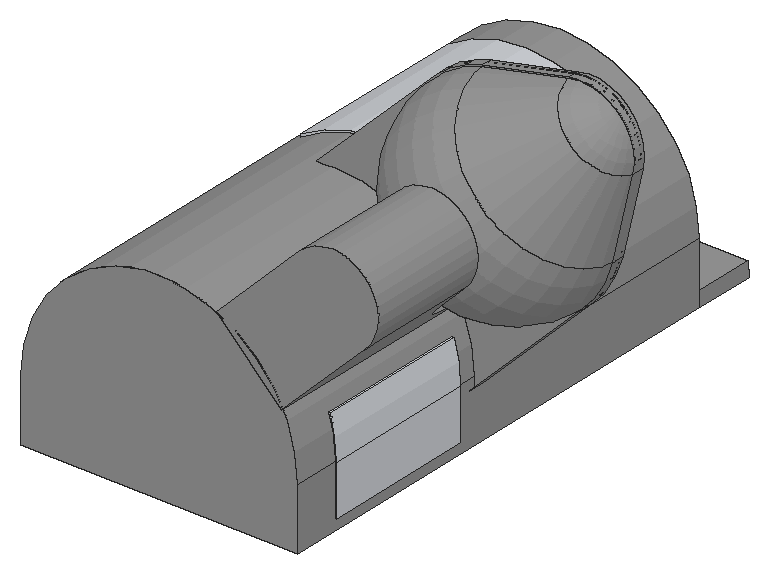
Revit family "Combination-Willoughby-ECW-1806-FA-R-ON", category Plumbing Fixtures, Revit 2015
Parameters (values of type "Standard")
  Waste DIA = 2 3/8"
  Waste Connection = yes
  W-RAD [instance] = Waste DIA / 2  # 0' - 1 3/16"
  Vent Connection = no
  URL = "https://www.willoughby-ind.com/wp-content/uploads/2018/04/1806-FA.pdf"
  Revision = "A"
  Model = "ECW-1806-FA-R-ON"
  Manufacturer = "Willoughby Industries"
  Lav Waste DIA = 1 1/2"
  Lav Waste Connection = yes
  L-RAD [instance] = Lav Waste DIA / 2  # 0' - 0 3/4"
  HW Connection = no
  Flush inlet DIA = 1 1/2"
  Flush Inlet Connection = yes
  Fixture Body = Stainless Steel AISI 304-Willoughby
  F-RAD [instance] = Flush inlet DIA / 2  # 0' - 0 3/4"
  Description = "1806 Front Access Combination Unit, Wall toilet waste outlet,  Right toilet, On Floor mounted"
  Default Elevation = 0' - 0"
  Contact Number = "(800) 428-4065"
  CW Connection = no
Reference planes (in)
  plane 1 "Center (Front/Back)": y = -16.25
  plane 2: z = 0
  plane 3 "Center (Left/Right)": x = 0
  plane 4 "Base": y = -16.25
  plane 5 "Rim hight": y = -1.5
  plane 6 "Seat height": y = -1.25
  plane 7: y = 20.25
  plane 8 "Waste offset": x = 0
  plane 9 "Lwaste ht": y = 8
  plane 10 "flush inlet HT": y = 4.25
  plane 11 "Left Sweep": through (11.84696, 0, 16.09696) normal (0.7071, 0, -0.7071)
  plane 12 "Right Sweep": through (-12.20051, 0, 16.45051) normal (0.7071, 0, 0.7071)
  plane 13: through (-55.90549, 0, 60.15549) normal (-0.7071, 0, -0.7071)
  plane 14: x = 6.375
  plane 15: x = 9
  plane 16 "Floor Waste": z = 4.25
Forms (in)
  Extrusion 1, solid, material "Stainless Steel AISI 304-Willoughby" <- "Fixture Body"
    sketch origin (0, -16.25, 0) x (1, 0, 0) y (0, 0, 1)
      loop
        line (9, 0) -> (9, 1) -> (-9, 1) -> (-9, 0) -> (9, 0)
    from -36.5 to -32.5
  Extrusion 2, solid, material "Stainless Steel AISI 304-Willoughby" <- "Fixture Body"
    sketch origin (-3.35108, 10.5, 0.89892) x (0.707107, 0, -0.707107) y (0.707107, 0, 0.707107)
      loop
        line (6.0079, 24.25317) -> (2.96593, 29.1083)
        arc (2.96593, 29.1083) -> (0, 30.75) -> (-2.96593, 29.1083) r 3.5
        line (-2.96593, 29.1083) -> (-6.0079, 24.25317)
        arc (-6.0079, 24.25317) -> (-6.68213, 22.74625) -> (-6.9847, 21.12334) r 7
        line (-6.9847, 21.12334) -> (-6.9847, 10.08034)
        arc (-6.9847, 10.08034) -> (0, 12.9735) -> (6.9847, 10.08034) r 9.87786
        line (6.9847, 10.08034) -> (6.9847, 20.19825)
        arc (6.9847, 20.19825) -> (6.80533, 22.30015) -> (6.0079, 24.25317) r 7
      loop
        line (4.24214, 22.50332) -> (1.839, 28.03617)
        arc (1.839, 28.03617) -> (0, 29.25) -> (-1.839, 28.03617) r 2
        line (-1.839, 28.03617) -> (-4.24214, 22.50332)
        arc (-4.24214, 22.50332) -> (0, 16.0358) -> (4.24214, 22.50332) r 4.625
    from 11.75 to 12.5
  Revolve 3, solid, material "Stainless Steel AISI 304-Willoughby" <- "Fixture Body"
    sketch origin (-3.35108, -1.5, 0.89892) x (0.707107, 0, -0.707107) y (0.707107, 0, 0.707107)
      loop
        arc (0, 13.6608) -> (6.08879, 17.20729) -> (6.0079, 24.25317) r 7
        line (6.0079, 24.25317) -> (2.96593, 29.1083)
        arc (2.96593, 29.1083) -> (1.69499, 30.31219) -> (0, 30.75) r 3.5
        line (0, 30.75) -> (0, 30.5)
        arc (0, 30.5) -> (1.57353, 30.09368) -> (2.75361, 28.97631) r 3.25
        line (2.75361, 28.97631) -> (5.71903, 24.24621)
        arc (5.71903, 24.24621) -> (5.9061, 17.39269) -> (0, 13.9108) r 6.75
        line (0, 13.9108) -> (0, 13.6608)
      axis (0, 13.6608) -> (0, 30.75)
    angle from 0 to -180
  Extrusion 4, solid
    sketch origin (0, 0, 0) x (1, 0, 0) y (0, 1, 0)
      loop
        circle (0, 8) r 0.75
    from 0 to 1
  Extrusion 5, solid
    sketch origin (0, 0, 0) x (1, 0, 0) y (0, 1, 0)
      loop
        circle (6.375, 4.25) r 0.75
    from 0 to 1
  Extrusion 6, solid, material "Stainless Steel AISI 304-Willoughby" <- "Fixture Body"
    sketch origin (-77.55739, -16.25, -24.30859) x (1, 0, 0) y (0, 0, 1)
      loop
        line (86.55739, 24.30859) -> (86.55739, 28.33218)
        arc (86.55739, 28.33218) -> (77.55739, 37.33218) -> (68.55739, 28.33218) r 9
        line (68.55739, 28.33218) -> (68.55739, 24.30859) -> (86.55739, 24.30859)
    from -32.5 to 0
  Revolve 7, void
    sketch origin (-0.04219, 16.25, -0.04963) x (1, 0, 0) y (0, 0, 1)
      loop
        spline (6.44903, 7.42683) -> (6.2318, 8.59152) -> (5.59494, 9.67683) -> (4.58183, 10.60881) -> (3.26153, 11.32395) -> (1.724, 11.7735) -> (0.07403, 11.92683) -> (-1.57595, 11.7735) -> (-3.11347, 11.32395) -> (-4.43378, 10.60881) -> (-5.44689, 9.67683) -> (-6.08375, 8.59152) -> (-6.30097, 7.42683)
        line (-6.30097, 7.42683) -> (6.44903, 7.42683)
      axis (6.44903, 7.42683) -> (-6.30097, 7.42683)
    angle from 0 to -180
  Extrusion 8, solid, material "Stainless Steel AISI 304-Willoughby" <- "Fixture Body"
    sketch origin (-39.78935, -16.25, -4.29532) x (0.707107, 0, -0.707107) y (0.707107, 0, 0.707107)
      loop
        line (25.09287, 42.44465) -> (25.09287, 50.05787)
        arc (25.09287, 50.05787) -> (22.09287, 53.05787) -> (19.09287, 50.05787) r 3
        line (19.09287, 50.05787) -> (19.09287, 42.44465) -> (25.09287, 42.44465)
    from 0 to -8.02482
  Extrusion 9, solid, material "Stainless Steel AISI 304-Willoughby" <- "Fixture Body"
    sketch origin (-3.35876, 0, 0.89124) x (0, 1, 0) y (0.707107, 0, 0.707107)
      loop
        line (-8.22518, 13.01687) -> (-2, 13.01687) -> (-2, 13.69664)
        arc (-2, 13.69664) -> (-5.86283, 15.126) -> (-8.22518, 18.5) r 6.90673
        line (-8.22518, 18.5) -> (-8.22518, 13.01687)
    from -3 to 3
  Extrusion 10, solid
    sketch origin (-2, 0, 0) x (1, 0, 0) y (0, 1, 0)
      loop
        circle (4.25, 8) r 0.25
      loop
        circle (-0.25, 8) r 0.25
    from -0.125 to 0
  Extrusion 11, solid
    sketch origin (0, -16.25, 0) x (0, 0, -1) y (-1, 0, 0)
      loop
        line (-0.75, 9) -> (-0.75, 9.125) -> (-4.02359, 9.125)
        arc (-4.02359, 9.125) -> (-5.40264, 9.02019) -> (-6.75, 8.70818) r 9.125
        line (-6.75, 8.70818) -> (-6.75, 8.5771)
        arc (-6.75, 8.5771) -> (-5.4031, 8.89365) -> (-4.02359, 9) r 9
        line (-4.02359, 9) -> (-0.75, 9)
    from 3 to 13
  Extrusion 12, solid
    sketch origin (0, -16.25, 0) x (0, 0, -1) y (-1, 0, 0)
      loop
        line (-0.75, -9) -> (-4.02359, -9)
        arc (-4.02359, -9) -> (-5.4031, -8.89365) -> (-6.75, -8.5771) r 9
        line (-6.75, -8.5771) -> (-6.75, -8.70818)
        arc (-6.75, -8.70818) -> (-5.40264, -9.02019) -> (-4.02359, -9.125) r 9.125
        line (-4.02359, -9.125) -> (-0.75, -9.125) -> (-0.75, -9)
    from 3 to 13
  Extrusion 13, solid
    sketch origin (0, -16.25, 0) x (0, 0, -1) y (-1, 0, 0)
      loop
        arc (-11.65678, 5) -> (-13.14859, 0) -> (-11.65678, -5) r 9.125
        line (-11.65678, -5) -> (-11.50691, -5)
        arc (-11.50691, -5) -> (-13.02359, 0) -> (-11.50691, 5) r 9
        line (-11.50691, 5) -> (-11.65678, 5)
    from 17.75 to 29.75
  Extrusion 14, solid
    sketch origin (0, 0, 0) x (1, 0, 0) y (0, 1, 0)
      loop
        circle (0, -4.75) r 1.1875
    from 0 to 1
Cuts and joins
  Revolve 7 cuts Extrusion 6
  joined: Extrusion 8, Extrusion 9
Lines and regions (in)
  model lines, detail levels coarse+medium
    curve 1: line (9, -16.25, 0) -> (9, -16.25, 1.0625)
    curve 2: line (-9, -16.25, 1.0625) -> (-9, -16.25, 0)
    curve 3: line (9, -16.25, 4.02359) -> (9, -16.25, 1.0625)
    curve 4: line (-9, -16.25, 1.0625) -> (-9, -16.25, 4.02359)
  symbolic lines
    curve 5: line (-9, -16.25, 0) -> (9, -16.25, 0)
    curve 6: line (9, -16.25, 0) -> (9, -16.25, 4.02359)
    curve 7: line (-9, -16.25, 0) -> (-9, -16.25, 4.02359)
    curve 8: arc (-9, -16.25, 4.02359) -> (0, -16.25, 13.02359) -> (9, -16.25, 4.02359) r 9
    curve 12: line (9, -16.25, 3.37214) -> (15.87017, -16.25, 10.24231)
    curve 13: line (18.04672, -16.25, 13.80027) -> (19.32882, -16.25, 19.38436)
    curve 14: arc (19.32882, -16.25, 19.38436) -> (19.28141, -16.25, 21.13434) -> (18.39245, -16.25, 22.64245) r 3.5
    curve 15: arc (18.39245, -16.25, 22.64245) -> (16.88434, -16.25, 23.53141) -> (15.13436, -16.25, 23.57882) r 3.5
    curve 16: line (15.13436, -16.25, 23.57882) -> (9.69373, -16.25, 22.33122)
    curve 17: arc (9.69373, -16.25, 22.33122) -> (7.66855, -16.25, 21.51777) -> (5.99231, -16.25, 20.12017) r 7
    curve 18: line (5.99231, -16.25, 20.12017) -> (-1.18226, -16.25, 12.9456)
    curve 24: arc (15.87017, -16.25, 10.24231) -> (17.24857, -16.25, 11.84381) -> (18.04672, -16.25, 13.80027) r 6.56384
    curve 25: line (0, -16.25, 0) -> (0, 20.25, 0)
    curve 26: line (0, 20.25, 0) -> (0, 20.25, 1)
    curve 27: line (0, 20.25, 1) -> (0, 16.25, 1)
    curve 28: line (0, 16.25, 1) -> (0, 16.25, 13.02359)
    curve 29: line (0, 16.25, 13.02359) -> (0, -16.25, 13.02359)
    curve 30: line (0, -16.25, 13.02359) -> (0, -16.25, 0)
    curve 31: line (0, -2, 8.53425) -> (0, -2, 3.38322)
    curve 32: line (0, -2, 3.38322) -> (0, -1.25, 3.38322)
    curve 33: line (0, -1.25, 3.38322) -> (0, -1.25, 23.66758)
    curve 34: line (0, -1.25, 23.66758) -> (0, -2, 23.66758)
    curve 35: arc (0, -2, 23.66758) -> (0, -2.97383, 23.32674) -> (0, -3.84197, 22.76919) r 4.41512
    curve 36: line (0, -3.84197, 22.76919) -> (0, -5.84484, 21.00201)
    curve 37: arc (0, -5.84484, 21.00201) -> (0, -7.44998, 19.21416) -> (0, -8.33365, 16.97989) r 6.80427
    curve 38: line (0, -8.33365, 16.97989) -> (0, -16.25, 16.97989)
    curve 39: arc (0, -2, 8.53425) -> (0, -5.01664, 9.44629) -> (0, -7.31482, 11.60276) r 6.91192
    curve 40: arc (0, -7.31482, 11.60276) -> (0, -8.02928, 13.07924) -> (0, -8.31912, 14.69369) r 6.02607
    curve 41: line (0, -8.31912, 14.69369) -> (0, -8.31912, 16.94369)
    curve 42: line (0, -4.86433, 9.36091) -> (0, -16.25, 9.36091)
    curve 43: line (-9, -16.25, 0) -> (-9, 20.25, 0)
    curve 44: line (-9, 20.25, 0) -> (9, 20.25, 0)
    curve 45: line (9, 20.25, 0) -> (9, -16.25, 0)
    curve 46: line (9, -16.25, 0) -> (-9, -16.25, 0)
    curve 47: line (-9, 16.25, 0) -> (9, 16.25, 0)
    curve 48: line (-1.16214, -2, 0) -> (4.25687, -2, 0)
    curve 49: arc (4.25687, -2, 0) -> (5.8291, -5.91885, 0) -> (9.36833, -8.2217, 0) r 7.00373
    curve 50: arc (9.36833, -8.2217, 0) -> (11.03885, -8.47892, 0) -> (12.72325, -8.33886, 0) r 7.18676
    curve 51: arc (12.72325, -8.33886, 0) -> (14.41888, -7.74661, 0) -> (15.89468, -6.72293, 0) r 6.66221
    curve 52: line (15.89468, -6.72293, 0) -> (18.52141, -3.84237, 0)
    curve 53: arc (18.52141, -3.84237, 0) -> (19.10241, -2.98584, 0) -> (19.41758, -2, 0) r 3.62355
    curve 54: line (19.41758, -2, 0) -> (19.41758, -1.25, 0)
    curve 55: line (19.41758, -1.25, 0) -> (-1.16214, -1.25, 0)
    curve 56: line (-1.16214, -1.25, 0) -> (-1.16214, -2, 0)
    curve 57: line (5.10781, -4.85514, 0) -> (5.10781, -16.25, 0)
    curve 58: line (12.72325, -8.33886, 0) -> (12.72325, -16.25, 0)
    curve 59: line (12.72325, -16.25, 0) -> (6.375, -16.25, 0)
    curve 60: line (0, -16.25, 16.97989) -> (0, -16.25, 9.36091)
  symbolic lines, detail levels medium+fine
    curve 9: line (9, -16.25, 1) -> (-9, -16.25, 1)
  symbolic lines, detail levels fine
    curve 10: spline (6.40684, -16.25, 7.3772) -> (6.18962, -16.25, 6.21252) -> (5.55275, -16.25, 5.1272) -> (4.53965, -16.25, 4.19522) -> (3.21934, -16.25, 3.48009) -> (1.68181, -16.25, 3.03054) -> (0.03184, -16.25, 2.8772) -> (-1.61813, -16.25, 3.03054) -> (-3.15566, -16.25, 3.48009) -> (-4.47597, -16.25, 4.19522) -> (-5.48907, -16.25, 5.1272) -> (-6.12594, -16.25, 6.21252) -> (-6.34316, -16.25, 7.3772)
    curve 11: spline (-6.34316, -16.25, 7.3772) -> (-6.12594, -16.25, 8.54189) -> (-5.48907, -16.25, 9.6272) -> (-4.47597, -16.25, 10.55918) -> (-3.15566, -16.25, 11.27432) -> (-1.61813, -16.25, 11.72387) -> (0.03184, -16.25, 11.8772) -> (1.68181, -16.25, 11.72387) -> (3.21934, -16.25, 11.27432) -> (4.53965, -16.25, 10.55918) -> (5.55275, -16.25, 9.6272) -> (6.18962, -16.25, 8.54189) -> (6.40684, -16.25, 7.3772)
    curve 19: line (15.17311, -16.25, 22.02386) -> (9.56153, -16.25, 19.81081)
    curve 20: arc (9.56153, -16.25, 19.81081) -> (7.98794, -16.25, 12.23794) -> (15.56081, -16.25, 13.81153) r 4.625
    curve 21: line (15.56081, -16.25, 13.81153) -> (17.77386, -16.25, 19.42311)
    curve 22: arc (17.77386, -16.25, 19.42311) -> (17.87353, -16.25, 20.56813) -> (17.33179, -16.25, 21.58179) r 2.01767
    curve 23: arc (17.33179, -16.25, 21.58179) -> (16.31813, -16.25, 22.12353) -> (15.17311, -16.25, 22.02386) r 2.01767
Dimensions and locks (in)
  locked: plane 6 "Seat height" to plane 5 "Rim hight" at 0.25
  plane 6 "Seat height" to plane 4 "Base" = 1' - 3"  (x2)
  locked: Extrusion 2 to Extrusion 2 at 0.75
  plane 9 "Lwaste ht" to plane 4 "Base" = 2' - 0 1/4"
  plane 10 "flush inlet HT" to plane 4 "Base" = 1' - 8 1/2"  (x2)
  plane 14 to plane 15 = 0' - 2 5/8"
  locked: cut or joined group of Extrusion 6, Revolve 7 to cut or joined group of Extrusion 6, Revolve 7 at 18
  plane 9 "Lwaste ht" to plane 1 "Center (Front/Back)" = 2' - 0 1/4"
  plane 2 to plane 16 "Floor Waste" = 0' - 4 1/4"
  plane 16 "Floor Waste" to level = 0' - 4 1/4"
  cut or joined group of Extrusion 6, Revolve 7 to plane 4 "Base" = 2' - 8 1/2"
  plane 4 "Base" to plane 7 = 3' - 0 1/2"
  Extrusion 1 to plane 15 = 1' - 6"
  locked: plane 3 "Center (Left/Right)" to plane 15 at 9
  "L-RAD": radius of Extrusion 4 sketch curve
  "F-RAD": radius of Extrusion 5 sketch curve
  radius of cut or joined group of Extrusion 6, Revolve 7 = 0' - 9"
  aligned and locked: Extrusion 1 to plane 7
  aligned and locked: plane 9 "Lwaste ht" to Extrusion 4 sketch curve
  aligned and locked: Extrusion 4 sketch curve to plane 8 "Waste offset"
  aligned and locked: plane 10 "flush inlet HT" to Extrusion 5 sketch curve
  aligned and locked: Extrusion 2 to plane 6 "Seat height"
  aligned and locked: Revolve 3 to plane 5 "Rim hight"
  aligned and locked: Revolve 7 sketch curve to Revolve 7 sketch curve
  aligned and locked: plane 14 to Extrusion 5 sketch curve
  aligned and locked: plane 15 to cut or joined group of Extrusion 6, Revolve 7
  aligned and locked: plane 1 "Center (Front/Back)" to Extrusion 6
  aligned and locked: Extrusion 6 to Extrusion 1  (x2)
  aligned and locked: Extrusion 1 to Extrusion 6
  aligned and locked: Extrusion 1 to cut or joined group of Extrusion 6, Revolve 7  (x2)
  aligned and locked: Extrusion 6 to level
  aligned and locked: Extrusion 6 to plane 15
  aligned and locked: Extrusion 1 to Extrusion 4
  aligned and locked: Extrusion 1 to level
Automatic sketch dimensions
  plane 1 "Center (Front/Back)" to curve 43 = 0' - 0"
  plane 7 to curve 43 = 0' - 0"
  plane 6 "Seat height" to curve 56 = 0' - 0"
  plane 1 "Center (Front/Back)" to curve 59 = 0' - 0"
  curve 59 to plane 14 = 0' - 0"
  curve 46 to plane 15 = 0' - 0"
  plane 5 "Rim hight" to curve 48 = 0' - 0 1/2"
  curve 48 to plane 14 = 0' - 2.11813"
  curve 55 to plane 3 "Center (Left/Right)" = 0' - 1.16214"
  curve 46 to plane 3 "Center (Left/Right)" = 0' - 9"
  curve 49 to plane 5 "Rim hight" = 0' - 0.0271"
  curve 49 to plane 15 = 0' - 2.24074"
  plane 6 "Seat height" to curve 50 = 0' - 0.04654"
  curve 49 to curve 50 = 0' - 0.04893"
  plane 5 "Rim hight" to curve 51 = 0' - 0.31054"
  curve 49 to curve 51 = 0' - 0.15357"
  curve 49 to curve 58 = 0' - 3.35492"
  curve 53 to plane 5 "Rim hight" = 0' - 0.09918"
  curve 51 to curve 53 = 0' - 4.44961"
  plane 5 "Rim hight" to curve 52 = 0' - 5.22293"
  plane 5 "Rim hight" to curve 52 = 0' - 2.34237"
  curve 53 to curve 52 = 0' - 2.6775"
  curve 52 to curve 55 = 0' - 0.89617"
  curve 57 to plane 14 = 0' - 1.26719"
  curve 47 to curve 44 = 0' - 4"
  curve 25 to level = 0' - 0"
  curve 25 to plane 1 "Center (Front/Back)" = 0' - 0"
  curve 60 to plane 1 "Center (Front/Back)" = 0' - 0"
  curve 33 to plane 6 "Seat height" = 0' - 0"
  curve 26 to plane 7 = 0' - 0"
  plane 5 "Rim hight" to curve 38 = 0' - 6.83365"
  curve 37 to curve 41 = 0' - 0.01453"
  plane 5 "Rim hight" to curve 36 = 0' - 4.34484"
  plane 5 "Rim hight" to curve 36 = 0' - 2.34197"
  plane 5 "Rim hight" to curve 40 = 0' - 0.79814"
  plane 5 "Rim hight" to curve 32 = 0' - 0 1/2"
  plane 5 "Rim hight" to curve 34 = 0' - 0 1/2"
  plane 5 "Rim hight" to curve 37 = 0' - 0.16386"
  plane 5 "Rim hight" to curve 39 = 0' - 0.06068"
  curve 35 to plane 6 "Seat height" = 0' - 0.21163"
  plane 7 to curve 28 = 0' - 4"
  level to curve 27 = 0' - 1"
  curve 32 to plane 16 "Floor Waste" = 0' - 0.86678"
  plane 16 "Floor Waste" to curve 31 = 0' - 4.28425"
  plane 16 "Floor Waste" to curve 29 = 0' - 8.77359"
  curve 29 to curve 41 = 0' - 1.6701"
  curve 41 to curve 40 = 0' - 0.24771"
  curve 40 to curve 39 = 0' - 0.49079"
  curve 39 to curve 37 = 0' - 0.20164"
  curve 29 to curve 60 = 0' - 3.95629"
  curve 37 to curve 35 = 0' - 3.72463"
  curve 36 to curve 36 = 0' - 1.76718"
  curve 42 to curve 31 = 0' - 2.86433"
  curve 41 to curve 38 = 0' - 0.03619"
  curve 2 to level = 0' - 0"
  plane 15 to curve 3 = 0' - 0"
  curve 1 to level = 0' - 0"
  level to curve 2 = 0' - 1 1/16"
  curve 2 to plane 3 "Center (Left/Right)" = 0' - 9"
  curve 1 to curve 3 = 0' - 1 1/16"
  curve 4 to plane 16 "Floor Waste" = 0' - 0.22641"
  curve 3 to plane 16 "Floor Waste" = 0' - 0.22641"
  Extrusion 1 sketch curve to level = 0' - 0"
  plane 15 to Extrusion 1 sketch curve = 0' - 0"
  level to Extrusion 1 sketch curve = 0' - 1"
  Extrusion 1 sketch curve to plane 3 "Center (Left/Right)" = 0' - 9"
  Extrusion 2 sketch curve to Extrusion 2 sketch curve = 0' - 0"  (x8)
  Extrusion 2 sketch curve to plane 11 "Left Sweep" = 0' - 0"  (x3)
  Extrusion 2 sketch curve to plane 11 "Left Sweep" = 0' - 1.839"
  Extrusion 2 sketch curve to Extrusion 2 sketch curve = 0' - 1.12693"  (x2)
  Extrusion 2 sketch curve to plane 11 "Left Sweep" = 0' - 4.24214"
  Extrusion 2 sketch curve to Extrusion 2 sketch curve = 0' - 1.76576"  (x2)
  Extrusion 2 sketch curve to Extrusion 2 sketch curve = 0' - 2.74256"  (x2)
  plane 11 "Left Sweep" to Extrusion 2 sketch curve = 0' - 1.839"
  plane 11 "Left Sweep" to Extrusion 2 sketch curve = 0' - 4.24214"
  Extrusion 2 sketch curve to plane 12 "Right Sweep" = 0' - 1.64351"
  plane 12 "Right Sweep" to Extrusion 2 sketch curve = 0' - 5.34119"
  Extrusion 2 sketch curve to Extrusion 2 sketch curve = 0' - 10.11791"
  Extrusion 2 sketch curve to Extrusion 2 sketch curve = 0' - 0.46255"  (x2)
  Extrusion 2 sketch curve to Extrusion 2 sketch curve = 0' - 1.74985"
  Extrusion 2 sketch curve to Extrusion 2 sketch curve = 0' - 4.74668"
  Extrusion 2 sketch curve to Extrusion 2 sketch curve = 0' - 0.78617"
  Extrusion 2 sketch curve to Extrusion 2 sketch curve = 0' - 1.07212"
  Revolve 3 sketch curve to Revolve 3 sketch curve = 0' - 0"  (x3)
  Revolve 3 sketch curve to plane 11 "Left Sweep" = 0' - 0"  (x4)
  plane 11 "Left Sweep" to Revolve 3 sketch curve = 0' - 2.75361"
  Revolve 3 sketch curve to Revolve 3 sketch curve = 0' - 0.21232"
  Revolve 3 sketch curve to Revolve 3 sketch curve = 0' - 2.96542"
  Revolve 3 sketch curve to Revolve 3 sketch curve = 0' - 0.28887"
  plane 12 "Right Sweep" to Revolve 3 sketch curve = 0' - 8.92165"
  Revolve 3 sketch curve to Revolve 3 sketch curve = 0' - 0 1/4"
  Revolve 3 sketch curve to Revolve 3 sketch curve = 0' - 6 3/4"
  Revolve 3 sketch curve to Revolve 3 sketch curve = 0' - 3.00379"
  Revolve 3 sketch curve to Revolve 3 sketch curve = 0' - 1.72631"
  Revolve 3 sketch curve to Revolve 3 sketch curve = 0' - 0.13199"
  Revolve 3 sketch curve to Revolve 3 sketch curve = 0' - 2.4108"
  Revolve 3 sketch curve to Revolve 3 sketch curve = 0' - 3 1/4"
  Extrusion 6 sketch curve to level = 0' - 0"
  Extrusion 6 sketch curve to plane 3 "Center (Left/Right)" = 0' - 0"
  plane 15 to Extrusion 6 sketch curve = 0' - 0"
  Extrusion 6 sketch curve to plane 16 "Floor Waste" = 0' - 0.22641"
  plane 16 "Floor Waste" to Revolve 7 sketch curve = 0' - 3.1272"
  Revolve 7 sketch curve to plane 3 "Center (Left/Right)" = 0' - 6.34316"
  plane 14 to Revolve 7 sketch curve = 0' - 0.03184"
  Revolve 7 sketch curve to Revolve 7 sketch curve = 0' - 5 1/8"
  Revolve 7 sketch curve to Revolve 7 sketch curve = 0' - 0 7/8"
  plane 5 "Rim hight" to Extrusion 9 sketch curve = 0' - 6.72518"
  plane 5 "Rim hight" to Extrusion 9 sketch curve = 0' - 0 1/2"
  plane 5 "Rim hight" to Extrusion 9 sketch curve = 0' - 0.14358"
  plane 12 "Right Sweep" to Extrusion 9 sketch curve = 0' - 8.26687"
  Extrusion 9 sketch curve to Extrusion 9 sketch curve = 0' - 0.67976"
  Extrusion 9 sketch curve to Extrusion 9 sketch curve = 0' - 5.48313"
  curve 14 to curve 15 = 0' - 0"  (x2)
  curve 17 to curve 20 = 0' - 0"  (x2)
  curve 14 to plane 11 "Left Sweep" = 0' - 0"  (x2)
  curve 23 to plane 11 "Left Sweep" = 0' - 0"
  curve 20 to plane 11 "Left Sweep" = 0' - 0"
  plane 15 to curve 8 = 0' - 0"
  curve 8 to plane 3 "Center (Left/Right)" = 0' - 0"
  curve 5 to level = 0' - 0"
  curve 6 to plane 16 "Floor Waste" = 0' - 0.22641"
  plane 16 "Floor Waste" to curve 12 = 0' - 5.99231"
  curve 13 to curve 12 = 0' - 3.55796"
  curve 21 to curve 13 = 0' - 0.01125"
  curve 24 to curve 21 = 0' - 1.45757"
  curve 17 to curve 24 = 0' - 0.23921"
  curve 13 to curve 13 = 0' - 5.58409"
  curve 21 to curve 14 = 0' - 0.03875"
  curve 19 to plane 15 = 0' - 0.56153"
  curve 19 to curve 17 = 0' - 4.30251"
  curve 18 to plane 14 = 0' - 0.38269"
  curve 18 to curve 19 = 0' - 0.30935"
  curve 23 to curve 22 = 0' - 0.72376"
  curve 22 to curve 23 = 0' - 0.01646"
  curve 15 to curve 22 = 0' - 0.00424"
  curve 19 to plane 15 = 0' - 6.17311"
  curve 19 to curve 22 = 0' - 1.86052"
  curve 16 to plane 15 = 0' - 0.69373"
  curve 16 to plane 15 = 0' - 6.13436"
  curve 16 to curve 19 = 0' - 1.55496"
  curve 13 to curve 20 = 0' - 2.48591"
  curve 14 to curve 21 = 0' - 1.55496"
  curve 15 to curve 23 = 0' - 0.00424"
  curve 12 to curve 20 = 0' - 0.30935"
  curve 9 to curve 5 = 0' - 1"
  curve 6 to curve 12 = 0' - 0.65145"
  plane 3 "Center (Left/Right)" to curve 10 = 0' - 0.03184"
  plane 16 "Floor Waste" to curve 10 = 0' - 3.1272"
  curve 18 to plane 3 "Center (Left/Right)" = 0' - 1.18226"
  plane 14 to curve 10 = 0' - 0.03184"
  Extrusion 10 sketch curve to plane 9 "Lwaste ht" = 0' - 0"  (x2)
  Extrusion 10 sketch curve to plane 3 "Center (Left/Right)" = 0' - 2 1/4"
  plane 3 "Center (Left/Right)" to Extrusion 10 sketch curve = 0' - 2 1/4"
  Extrusion 11 sketch curve to Extrusion 11 sketch curve = 0' - 0"  (x2)
  Extrusion 11 sketch curve to plane 3 "Center (Left/Right)" = 0' - 0"
  plane 16 "Floor Waste" to Extrusion 11 sketch curve = 0' - 2 1/2"
  Extrusion 11 sketch curve to plane 16 "Floor Waste" = 0' - 0.22641"
  level to Extrusion 11 sketch curve = 0' - 0 3/4"
  Extrusion 11 sketch curve to plane 3 "Center (Left/Right)" = 0' - 8.5771"
  Extrusion 11 sketch curve to Extrusion 11 sketch curve = 0' - 0.13107"
  Extrusion 12 sketch curve to Extrusion 12 sketch curve = 0' - 0"  (x2)
  plane 15 to Extrusion 12 sketch curve = 0' - 0"
  Extrusion 12 sketch curve to plane 3 "Center (Left/Right)" = 0' - 0"
  Extrusion 12 sketch curve to plane 15 = 0' - 0.29182"
  Extrusion 12 sketch curve to plane 16 "Floor Waste" = 0' - 2 1/2"
  plane 16 "Floor Waste" to Extrusion 12 sketch curve = 0' - 0.22641"
  Extrusion 12 sketch curve to level = 0' - 0 3/4"
  Extrusion 13 sketch curve to plane 3 "Center (Left/Right)" = 0' - 0"
  Extrusion 13 sketch curve to plane 16 "Floor Waste" = 0' - 0.22641"
  Extrusion 13 sketch curve to plane 14 = 0' - 1 3/8"
  Extrusion 13 sketch curve to Extrusion 13 sketch curve = 0' - 0"  (x2)
  Extrusion 13 sketch curve to Extrusion 13 sketch curve = 0' - 0.14988"  (x2)
  plane 16 "Floor Waste" to Extrusion 13 sketch curve = 0' - 7.25691"
  Extrusion 8 sketch curve to plane 11 "Left Sweep" = 0' - 0"
  Extrusion 8 sketch curve to plane 11 "Left Sweep" = 0' - 3"
  plane 12 "Right Sweep" to Extrusion 8 sketch curve = 1' - 3.8801"
  Extrusion 8 sketch curve to Extrusion 8 sketch curve = 0' - 7.61323"
  Extrusion 14 sketch curve to plane 3 "Center (Left/Right)" = 0' - 0"
  plane 5 "Rim hight" to Extrusion 14 sketch curve = 0' - 3 1/4"
  radius of Extrusion 10 sketch curve = 0' - 0 1/4"  (x2)
  radius of Extrusion 14 sketch curve = 0' - 1 3/16"
Connectors (in)
  piping at (0, 8, 1), diameter 1.5, driven by "L-RAD", driven by "Lav Waste Connection"
    settings: on Extrusion 4, index 2, connector inside diameter 1 1/2", connector length 0' - 0", flow factor 0, pipe flow 0 GPM, pressure drop 0.00 psi, fitting loss kfactor 0, connector angle 0.00°, fixture units 0, engagement length 0' - 0", angle of deflection 0.00°, flow configuration 3, flow direction 2, fitting loss method 0, system type 16, joint type 0, gender type 0, connector reference index -1, connector utility 1, adjustable connector yes, is connector primary yes, connector description "Sink Waste"
  piping at (6.375, 4.25, 1), diameter 1.5, driven by "F-RAD", driven by "Flush Inlet Connection"
    settings: on Extrusion 5, index 3, connector inside diameter 1 1/2", connector length 0' - 0", flow factor 0, pipe flow 0 GPM, pressure drop 0.00 psi, fitting loss kfactor 0, connector angle 0.00°, fixture units 0, engagement length 0' - 0", angle of deflection 0.00°, flow configuration 3, flow direction 1, fitting loss method 0, system type 20, joint type 0, gender type 0, connector reference index -1, connector utility 1, adjustable connector yes, is connector primary no, connector description "Flushing Inlet"
  piping at (0, -4.75, 1), diameter 2.375, driven by "W-RAD"
    settings: on Extrusion 14, index 4, connector inside diameter 24", connector length 0' - 0", flow factor 0, pipe flow 0 GPM, pressure drop 0.00 psi, fitting loss kfactor 0, connector angle 0.00°, fixture units 0, engagement length 0' - 0", angle of deflection 0.00°, flow configuration 0, flow direction 0, fitting loss method 0, system type 7, joint type 0, gender type 0, connector reference index -1, connector utility 0, adjustable connector no, is connector primary no, connector description ""
  piping at (-2.25, 8, 0), diameter 0.5
    settings: on Extrusion 10, index 5, connector inside diameter 24", connector length 0' - 0", flow factor 0, pipe flow 0 GPM, pressure drop 0.00 psi, fitting loss kfactor 0, connector angle 0.00°, fixture units 0, engagement length 0' - 0", angle of deflection 0.00°, flow configuration 0, flow direction 0, fitting loss method 0, system type 19, joint type 0, gender type 0, connector reference index -1, connector utility 0, adjustable connector no, is connector primary no, connector description ""
  piping at (2.25, 8, 0), diameter 0.5
    settings: on Extrusion 10, index 6, connector inside diameter 24", connector length 0' - 0", flow factor 0, pipe flow 0 GPM, pressure drop 0.00 psi, fitting loss kfactor 0, connector angle 0.00°, fixture units 0, engagement length 0' - 0", angle of deflection 0.00°, flow configuration 0, flow direction 0, fitting loss method 0, system type 20, joint type 0, gender type 0, connector reference index -1, connector utility 0, adjustable connector no, is connector primary no, connector description ""
